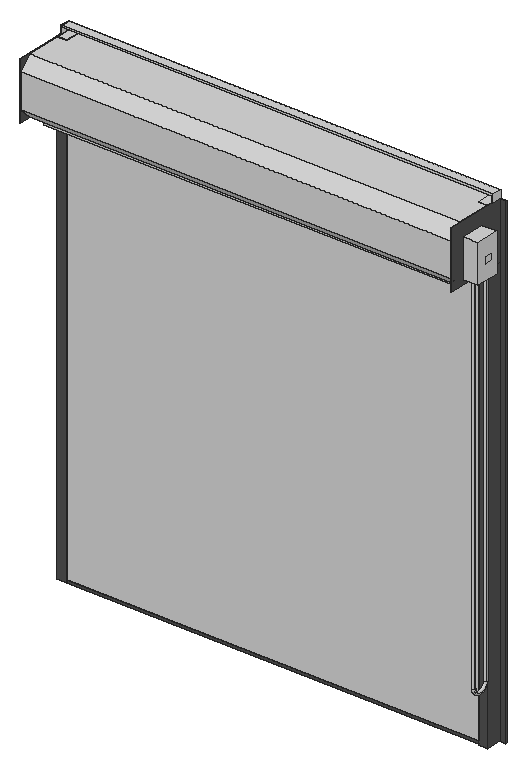
Revit family "Door_Overhead-Coiling_CHI_6200-Series", category Doors, host Wall, Revit 2022
Family settings
  Host = Wall
  OmniClass Number = 23.30.10.17.27.11
  OmniClass Title = Overhead Coiling
  Always vertical = Yes
  Cut with Voids When Loaded = No
  Shared = No
  Room Calculation Point = No
Parameters (values of type "Z Guide for Wood or Masonry Structure 440V")
  Voltage_MEP = 440 V
  Standards Conformance = ""
  Sound Transmission Class (STC) = 0
  Safety Option [instance] = "[Photoelectric Sensor][Electric Edge Two Wire][Electric Edge Four Wire][Pneumatic Reversing Edge][No Safety Device]"
  Revision = "R1_02-2013"
  RO Offset = 0' - 0"  # constant formula
  Operation_Motor_H Motor [instance] = no
  Operation_Motor_GH Motor [instance] = no
  Operation_Manual Pushup [instance] = no
  Operation_Chain Hoist [instance] = yes
  Max Width = 12' - 0"
  Max Height = 14' - 4"
  Lock Mounting Point [instance] = "[Interior Mounted][Exterior Mounted][Keyed Both Sides]"
  Lock Access Location [instance] = "[Coil Side][Fascia Side][Both Sides]"
  Guide_Z Guide = yes
  Guide_E Guide = no
  Has Windlocks = no
  Function = Interior
  Frame Finish = Metal - CHI - Black Powdercoat
  Curtain Material for Coarse and Medium Views [instance] = Metal - CHI - Silver Powdercoat Coarse Curtain
  Coil Control Station [instance] = "[24V Keyed Switch][24V Keyed Switch with Stop Button][24V Two Button][24V Three Button]"
  Body Material = Metal - CHI - Silver Powdercoat
  Analytic Construction = "<None>"
  Air Infiltration = ""
  ASTM Conformance = ""
  Warranty Duration (Years) = 0
  URL = "http://www.chiohd.com/garage-doors/"
  Thickness = 0' - 0 1/4"
  Rough Width = 9' - 1"
  Rough Height = 9' - 3"
  R_Value = 0
  Maintenance Schedule (Months) = 0
  Installation Phase = ""
  Model = "Model 6241"
  Manufacturer = "CHI Overhead Doors"
  Keynote = "08330"
  Height = 9' - 2 1/2"
  Wall Closure = By host
  Width = 9' - 0"
  Fire Rating = "As Specified in 08330"
  Expected Lifespan (Years) = 0
  Drawn By = "Sumex Design, Inc. / Robert S. Weygant, CSI, CDT, SCIP"
  Description = "CHI Medium Duty Service Overhead Coiling Door - Model 6241"
  Copyright = "©Arcat Inc."
  Assembly Code = "B2030420"
Types (6): name | Voltage_MEP | Guide_Z Guide | Guide_E Guide
  Z Guide for Wood or Masonry Structure 440V | 440 V | yes | no
  Z Guide for Wood or Masonry Structure 220V | 220 V | yes | no
  Z Guide for Wood or Masonry Structure 115V | 115 V | yes | no
  E Guide for Steel Structure 440V | 440 V | no | yes
  E Guide for Steel Structure 220V | 220 V | no | yes
  E Guide for Steel Structure 115V | 115 V | no | yes
Reference planes (in)
  plane 1 "Center (Front/Back)": y = -33.96225
  plane 2 "Center (Left/Right)": x = 64.28704
  plane 3: z = 0
  plane 4 "Right": x = 118.28704
  plane 5 "Left": x = 10.28704
  plane 6 "Closure": y = -37.96225
  plane 7: z = 0
  plane 8 "Top of Frame": z = 110.5
  plane 9 "RO Top": z = 110.5
  plane 10 "RO Right": x = 118.28704
  plane 11 "RO Left": x = 10.28704
Lines and regions (in)
  Opening 1
    outline origin (-109.33485, -37.96225, 0) x (1, 0, 0) y (0, 0, 1)
      loop
        line (119.62189, 0) -> (227.62189, 0) -> (227.62189, 110.5) -> (119.62189, 110.5) -> (119.62189, 0)
Text (in)
  text "Exterior" at (50.54558, 27.31104, 0), in view "A101 - Plan View"
  text "Interior" at (58.96477, -82.94027, 0), in view "A101 - Plan View"
  text "Exterior" at (0, -17.98638, 123.01588), in view "Right"
  text "Interior" at (0, -64.39139, 123.01588), in view "Right"
  text "Interior" at (0, -52.09468, 121.14095), in view "Left"
  text "Exterior" at (0, 26.35325, 123.00693), in view "Left"
Dimensions and locks (in)
  equal spacing: plane 4 "Right", plane 2 "Center (Left/Right)", plane 5 "Left"
  "Width": plane 5 "Left" to plane 4 "Right"
  "Height": level to plane 8 "Top of Frame"
  "RO Offset": plane 5 "Left" to plane 11 "RO Left"
  "RO Offset": plane 10 "RO Right" to plane 4 "Right"
  "RO Offset": plane 9 "RO Top" to plane 8 "Top of Frame"
  aligned and locked: host wall to plane 1 "Center (Front/Back)"
  aligned and locked: host wall to plane 6 "Closure"
  aligned and locked: Opening 1 sketch curve to level
  aligned and locked: Opening 1 sketch curve to plane 9 "RO Top"
  aligned and locked: plane 10 "RO Right" to Opening 1 sketch curve
  aligned and locked: plane 11 "RO Left" to Opening 1 sketch curve
  aligned and locked: nested 1 to plane 6 "Closure"
  aligned and locked: level to nested 1
  aligned and locked: nested 1 to plane 2 "Center (Left/Right)"
Nested families (in)
  nested 1: "6200Series" at (64.28704, -45.96225, 0), Mounting to Wood or Masonry Structure <- "Guide_Z Guide", Mounting to Steel Structure <- "Guide_E Guide", External Motor_H Motor <- "Operation_Motor_H Motor", External Motor_GH Motor <- "Operation_Motor_GH Motor", Frame <- "Frame Finish", Coarse and Medium View Curtain Material <- "Curtain Material for Coarse and Medium Views", Body <- "Body Material", Unit Width <- "Width", Unit Height <- "Height", Operation_Chain Hoist <- "Operation_Chain Hoist", Operation_Manual <- "Operation_Manual Pushup", type "6200Series"
    with slatcount 45, offset 0' - 0", motorvis no, chainvis yes, chainassemblywidth 0' - 6", canopyheight 1' - 3", Unit Width 9' - 0", Unit Height 9' - 2 1/2", Unit Depth 1' - 4", Overall Frame Width 9' - 5 1/8", Operation_Manual no, Operation_Chain Hoist yes, Mounting to Wood or Masonry Structure yes, Mounting to Steel Structure no, MotorHeight 1' - 7", MotorDepth 1' - 4", Frame Metal - CHI - Black Powdercoat, External Motor_H Motor no, External Motor_GH Motor no, Coarse and Medium View Curtain Material Metal - CHI - Silver Powdercoat Coarse Curtain, Body Metal - CHI - Silver Powdercoat
Definition of nested family "6200Series"
  Parameters (values of type "6200Series")
    slatcount [instance] = ((Unit Height - 0' 1") / 0' 2 1/2") + 1  # 39
    offset [instance] = 0' - 0"
    motorvis [instance] = or(External Motor_H Motor, External Motor_GH Motor)  # yes
    chainvis [instance] = or(External Motor_H Motor, External Motor_GH Motor, Operation_Chain Hoist)  # yes
    chainassemblywidth [instance] = if(or(External Motor_H Motor, External Motor_GH Motor), 1' 10", 0' 6")  # 1' - 10"
    canopyheight [instance] = if(Unit Height < 11' 0", 1' 3", 1' 5")  # 1' - 3"
    Unit Width [instance] = 6' - 0"
    Unit Height [instance] = 8' - 0"
    Unit Depth [instance] = if(Unit Height < 11' 0", 1' 4", 1' 6")  # 1' - 4"
    URL = "http://www.chiohd.com/garage-doors/"
    Specification = ""
    SpecWizard = "http://www.arcat.com/specwizard/clients/chiover.html?coid=43804"
    Sales Information = "http://www.chiohd.com/dealers/#.UQ_IQr_Xb_Y"
    Revision = "R1_02-2013"
    Product Properties = ""
    Product Data = "http://www.arcat.com/arcatcos/cos43/arc43804.html"
    Overall Frame Width [instance] = Unit Width + (0' 2 9/16" * 2)  # 6' - 5 1/8"
    Operation_Manual [instance] = no
    Operation_Chain Hoist [instance] = yes
    Mounting to Wood or Masonry Structure [instance] = no
    Mounting to Steel Structure [instance] = yes
    MotorHeight [instance] = if(External Motor_H Motor, 1' 11", if(External Motor_GH Motor, 2' 6", canopyheight + 0' 4"))  # 1' - 11"
    MotorDepth [instance] = if(External Motor_H Motor, Unit Depth + 1' 8 1/2", if(External Motor_GH Motor, Unit Depth + 1' 5", Unit Depth))  # 3' - 0 1/2"
    Model = "As Specified"
    Manufacturer = "CHI Overhead Doors"
    Keynote = ""
    Installation-Fabrication = ""
    Green Building-LEED = "http://www.arcat.com/green/clients/leed_data_43804.html"
    Frame [instance] = none
    External Motor_H Motor [instance] = yes
    External Motor_GH Motor [instance] = yes
    Drawn By = "Sumex Design, Inc. / Robert S. Weygant, CSI, CDT, SCIP"
    Description = ""
    Default Elevation = 4' - 0"
    Copyright = "©Arcat Inc."
    Construction Details = "http://www.arcat.com/details/chiover/chiover.html?coid=43804"
    Coarse and Medium View Curtain Material [instance] = none
    Body [instance] = none
    Assembly Code = ""
  Reference planes (in)
    plane 1 "Center (Front/Back)": y = 0
    plane 2 "Bottom": z = 0
    plane 3 "Center (Left/Right)": x = 0
    plane 4 "Front": y = -8
    plane 5 "Back": y = 8
    plane 6 "Left": x = -36
    plane 7 "Right": x = 36
    plane 8 "Top": z = 96
    plane 9: x = -41
    plane 10: x = 43.5
    plane 11: z = 115
    plane 12: z = 113
    plane 13: z = 98
    plane 14: x = -38.5625
    plane 15: x = 38.5625
    plane 16: x = -38.4375
    plane 17: x = 38.4375
    plane 18: z = 119
    plane 19: y = -28.5
    plane 20: x = 24
    plane 21: y = 0.83592
    plane 22: y = -21.16408
  Forms (in)
    Extrusion 1, solid, material <- "Frame", visible <- "Mounting to Steel Structure"
      sketch origin (0, 0, 0) x (1, 0, 0) y (0, 1, 0)
        loop
          line (-36, 8) -> (-38.5625, 8) -> (-38.5625, 4) -> (-36, 4) -> (-36, 8)
        loop
          line (36, 8) -> (36, 4) -> (38.5625, 4) -> (38.5625, 8) -> (36, 8)
      from 0 to 113
    Extrusion 2, solid, material <- "Frame", visible <- "Mounting to Wood or Masonry Structure"
      sketch origin (0, 0, 0) x (1, 0, 0) y (0, 1, 0)
        loop
          line (-36, 8) -> (-40.1875, 8) -> (-40.1875, 7.75) -> (-38.5625, 7.75) -> (-38.5625, 4) -> (-36, 4) -> (-36, 8)
        loop
          line (36, 8) -> (36, 4) -> (38.5625, 4) -> (38.5625, 7.75) -> (40.1875, 7.75) -> (40.1875, 8) -> (36, 8)
      from 0 to 113
    Extrusion 3, solid, material <- "Body"
      sketch origin (0, 0, 0) x (0, 1, 0) y (0, 0, 1)
        loop
          line (8, 113) -> (8, 115) -> (5.5, 115) -> (5.5, 113) -> (8, 113)
      from -38.5625 to 38.5625
    Extrusion 4, void
      sketch origin (0, 0, 0) x (0, 1, 0) y (0, 0, 1)
        loop
          line (5.5, 114.5) -> (5.5, 113) -> (7.9375, 113) -> (7.9375, 114.9375) -> (5.5625, 114.9375) -> (5.5625, 114.5) -> (5.5, 114.5)
      from -38.4375 to 38.4375
    Extrusion 5, solid, material <- "Frame"
      sketch origin (0, 0, 0) x (0, 1, 0) y (0, 0, 1)
        loop
          line (8, 98) -> (8, 113) -> (-8, 113) -> (-8, 98) -> (8, 98)
      from -38.5625 to -38.4375
    Extrusion 6, solid, material <- "Body"
      sketch origin (0, 0, 0) x (0, 1, 0) y (0, 0, 1)
        loop
          line (-2, 98) -> (-2.0625, 98) -> (-2.0625, 96.5625) -> (-3.4375, 96.5625) -> (-3.4375, 97) -> (-3.5, 97) -> (-3.5, 96.5) -> (-2, 96.5) -> (-2, 98)
      from -36 to 36
    Extrusion 7, solid, material <- "Frame"
      sketch origin (0, 0, 0) x (0, 1, 0) y (0, 0, -1)
        loop
          line (8, -98) -> (-8, -98) -> (-8, -113) -> (8, -113) -> (8, -98)
      from -38.5625 to -38.4375
    Extrusion 8, solid, material <- "Body"
      sketch origin (0, 0, 0) x (0, 1, 0) y (0, 0, 1)
        loop
          line (-8, 101) -> (-5, 98) -> (8, 98) -> (8, 113) -> (-5, 113) -> (-8, 110) -> (-8, 101)
      from -38.4375 to 38.4375
    Extrusion 9, solid, material <- "Frame"
      sketch origin (0, 4.5, 0) x (0, 1, 0) y (0, 0, 1)
        loop
          line (0.49081, 0.89822) -> (-0.25919, 0.75244) -> (-0.25919, 0) -> (0.49081, 0) -> (0.49081, 0.89822)
      from -36 to 36
    Extrusion 10, solid, material <- "Body", visible <- "chainvis"
      sketch origin (-11.94222, -8, 48) x (-1, 0, 0) y (0, 0, 1)
        loop
          line (-55.19222, 62) -> (-55.19222, 52) -> (-51.44222, 52) -> (-51.44222, 62) -> (-55.19222, 62)
      from -13.16408 to 8.83592
    Extrusion 11, solid, material <- "Body", visible <- "chainvis"
      sketch origin (-11.94222, -8, 48) x (-1, 0, 0) y (0, 0, 1)
        loop
          line (-55.19222, 56.25) -> (-55.19222, 57.75) -> (-55.44222, 57.75) -> (-55.44222, 56.25) -> (-55.19222, 56.25)
        loop
          line (-51.44222, 56.5) -> (-50.50472, 56.5) -> (-50.50472, 57.5) -> (-51.44222, 57.5) -> (-51.44222, 56.5)
      from 4.90942 to 6.66706
    Sweep 12, solid, material <- "Body", visible <- "chainvis"
      path origin (0, 0, 0) x (0, 1, 0) y (0, 0, 1)
        loop
          line (-20.18939, 100) -> (-20.18939, 18.75)
          arc (-20.18939, 18.75) -> (-18.18939, 16.75) -> (-16.18939, 18.75) r 2
          line (-16.18939, 18.75) -> (-16.18939, 100)
      profile origin (0, -20.18939, 59.375) x (1, 0, 0) y (0, 1, 0)
        loop
          circle (41.25, 0) r 0.375
    Extrusion 13, solid, material <- "Coarse and Medium View Curtain Material"
      sketch origin (0, 0, 0) x (0, 1, 0) y (0, 0, 1)
        loop
          line (4.99081, 0.89822) -> (4.99081, 98.75244) -> (4.24081, 98.75244) -> (4.24081, 0.75244) -> (4.99081, 0.89822)
      from -36 to 36
    Extrusion 14, solid, material <- "Frame"
      sketch origin (-41, 19.20673, 48) x (0, 1, 0) y (0, 0, 1)
        loop
          circle (-19.77012, 57.15007) r 3.25
      from 0 to 5
    Extrusion 15, solid, material <- "Frame", visible <- "motorvis"
      sketch origin (-38.5625, -180, 141.83214) x (0, 0, 1) y (0, -1, 0)
        loop
          line (-45.83214, -172.03125) -> (-22.83214, -172.03125) -> (-22.83214, -151.5) -> (-45.83214, -151.5) -> (-45.83214, -172.03125)
      from 62.5625 to 77.125
  Cuts and joins
    Extrusion 4 cuts Extrusion 1
    Extrusion 4 cuts Extrusion 2
    Extrusion 4 cuts Extrusion 3
  Lines and regions (in)
    symbolic lines
      curve 1: line (-38.5625, 4, 0) -> (-38.5625, -8, 0)
      curve 2: line (43.5, -8, 0) -> (-41, -8, 0)
      curve 3: line (38.5625, 8, 0) -> (38.5625, -28.5, 0)
      curve 5: line (43.5, -8, 0) -> (43.5, 8, 0)
      curve 7: line (-41, 8, 0) -> (-41, -8, 0)
    symbolic lines, visible <- "motorvis"
      curve 4: line (38.5625, -28.5, 0) -> (24, -28.5, 0)
      curve 6: line (24, -7.96875, 0) -> (24, -28.5, 0)
  Dimensions and locks (in)
    equal spacing: plane 6 "Left", plane 3 "Center (Left/Right)", plane 7 "Right"
    "Unit Width": plane 6 "Left" to plane 7 "Right"
    "Unit Depth": plane 5 "Back" to plane 4 "Front"
    "Unit Height": plane 8 "Top" to level
    locked: plane 7 "Right" to plane 10 at 7.5
    locked: plane 9 to plane 6 "Left" at 5
    locked: Extrusion 1 sketch curve to plane 6 "Left" at 2.5625
    locked: plane 5 "Back" to Extrusion 1 sketch curve at 4  (x2)
    locked: plane 7 "Right" to Extrusion 1 sketch curve at 2.5625
    locked: plane 5 "Back" to Extrusion 2 sketch curve at 0.25  (x2)
    locked: plane 5 "Back" to Extrusion 2 sketch curve at 4  (x2)
    locked: Extrusion 2 sketch curve to plane 6 "Left" at 2.5625
    locked: Extrusion 2 sketch curve to plane 6 "Left" at 4.1875
    locked: plane 7 "Right" to Extrusion 2 sketch curve at 2.5625
    locked: plane 7 "Right" to Extrusion 2 sketch curve at 4.1875
    locked: plane 11 to plane 12 at 2
    locked: plane 13 to plane 8 "Top" at 2
    locked: Extrusion 3 sketch curve to plane 5 "Back" at 2.5
    equal spacing: plane 15, plane 3 "Center (Left/Right)", plane 14
    "Overall Frame Width": plane 15 to plane 14
    plane 11 to Extrusion 4 sketch curve to Extrusion 4 sketch curve = 0' - 0 1/16" locked, 0' - 0 7/16" locked
    locked: Extrusion 4 sketch curve to plane 5 "Back" at 0.0625
    locked: plane 15 to plane 17 at 0.125
    locked: plane 16 to plane 14 at 0.125
    plane 10 to Extrusion 10 sketch curve to Extrusion 10 sketch curve = 0' - 0 1/4" locked, 0' - 3 3/4" locked
    locked: Extrusion 11 sketch curve to plane 15 at 0.9375
    locked: plane 10 to Extrusion 11 sketch curve at 0.25
    Extrusion 11 sketch curve to Extrusion 11 sketch curve to plane 13 = 0' - 1 1/2" locked, 0' - 6 1/4" locked
    Extrusion 11 sketch curve to Extrusion 11 sketch curve to plane 13 = 0' - 1" locked, 0' - 6 1/2" locked
    locked: Sweep 12 sketch curve to level at 18.75
    locked: Sweep 12 sketch curve to plane 13 at 2  (x2)
    locked: Sweep 12 sketch curve to plane 10 at 2.25
    Extrusion 13 sketch curve to Extrusion 13 sketch curve to plane 5 "Back" = 0' - 0 3/4" locked, 0' - 3.00919" locked
    locked: plane 13 to Extrusion 13 sketch curve at 0.75244
    "MotorHeight": plane 18 to plane 8 "Top"
    locked: plane 12 to Extrusion 14 sketch curve at 7.84993
    locked: plane 5 "Back" to Extrusion 14 sketch curve at 8.56338
    "MotorDepth": plane 19 to plane 5 "Back"
    locked: plane 4 "Front" to Extrusion 15 sketch curve at 0.03125
    "canopyheight": plane 12 to plane 13
    locked: curve 6 to plane 4 "Front" at 0.03125
    Extrusion 9 sketch curve to Extrusion 9 sketch curve to plane 5 "Back" = 0' - 0 3/4" locked, 0' - 3.00919" locked
    locked: plane 20 to plane 7 "Right" at 12
    locked: plane 4 "Front" to plane 21 at 8.83592
    "chainassemblywidth": plane 22 to plane 21
    plane 22 to Sweep 12 sketch curve to Sweep 12 sketch curve = 0' - 0.9747" locked, 0' - 4" locked
    aligned and locked: Extrusion 1 sketch curve to plane 7 "Right"
    aligned and locked: plane 5 "Back" to Extrusion 1 sketch curve
    aligned and locked: Extrusion 1 sketch curve to plane 6 "Left"
    aligned and locked: Extrusion 1 sketch curve to plane 5 "Back"
    aligned and locked: Extrusion 2 sketch curve to plane 6 "Left"
    aligned and locked: plane 5 "Back" to Extrusion 2 sketch curve
    aligned and locked: Extrusion 2 to plane 12
    aligned and locked: plane 12 to Extrusion 1
    aligned and locked: plane 5 "Back" to Extrusion 3 sketch curve
    aligned and locked: plane 11 to Extrusion 3 sketch curve
    aligned and locked: Extrusion 3 sketch curve to plane 12
    aligned and locked: plane 15 to Extrusion 3
    aligned and locked: Extrusion 3 to plane 14
    aligned and locked: plane 12 to Extrusion 4 sketch curve
    aligned and locked: Extrusion 4 to plane 17
    aligned and locked: plane 16 to Extrusion 4
    aligned and locked: Extrusion 5 sketch curve to plane 5 "Back"
    aligned and locked: plane 4 "Front" to Extrusion 5 sketch curve
    aligned and locked: plane 13 to Extrusion 5 sketch curve
    aligned and locked: Extrusion 5 sketch curve to plane 12
    aligned and locked: Extrusion 5 to plane 14
    aligned and locked: plane 7 "Right" to Extrusion 6
    aligned and locked: Extrusion 6 to plane 6 "Left"
    aligned and locked: Extrusion 5 to plane 16
    aligned and locked: plane 15 to Extrusion 7
    aligned and locked: plane 17 to Extrusion 7
    aligned and locked: plane 12 to Extrusion 7 sketch curve
    aligned and locked: Extrusion 7 sketch curve to plane 13
    aligned and locked: Extrusion 7 sketch curve to plane 5 "Back"
    aligned and locked: plane 4 "Front" to Extrusion 7 sketch curve
    aligned and locked: plane 4 "Front" to Extrusion 8 sketch curve
    aligned and locked: Extrusion 8 sketch curve to plane 13
    aligned and locked: plane 12 to Extrusion 8 sketch curve
    aligned and locked: plane 5 "Back" to Extrusion 8 sketch curve
    aligned and locked: Extrusion 8 to plane 17
    aligned and locked: plane 16 to Extrusion 8
    aligned and locked: Extrusion 9 to plane 6 "Left"
    aligned and locked: plane 7 "Right" to Extrusion 9
    aligned and locked: plane 15 to Extrusion 11 sketch curve
    aligned and locked: Extrusion 11 sketch curve to plane 10
    aligned and locked: plane 7 "Right" to Extrusion 13
    aligned and locked: Extrusion 13 to plane 6 "Left"
    aligned and locked: plane 6 "Left" to Extrusion 14
    aligned and locked: Extrusion 14 to plane 9
    aligned and locked: Extrusion 15 sketch curve to plane 18
    aligned and locked: plane 19 to Extrusion 15 sketch curve
    aligned and locked: plane 8 "Top" to Extrusion 15 sketch curve
    aligned and locked: plane 4 "Front" to curve 2
    aligned and locked: curve 4 to plane 19
    aligned and locked: plane 10 to curve 2
    aligned and locked: curve 6 to plane 20
    aligned and locked: plane 19 to curve 6
    aligned and locked: plane 5 "Back" to curve 7
    aligned and locked: curve 7 to plane 9
    aligned and locked: plane 15 to Extrusion 15
    aligned and locked: Extrusion 15 to plane 20
    aligned and locked: plane 5 "Back" to curve 3
    aligned and locked: plane 22 to Extrusion 10
    aligned and locked: Extrusion 10 to plane 21
  Automatic sketch dimensions
    Extrusion 2 sketch curve to plane 5 "Back" = 0' - 0"
    Extrusion 2 sketch curve to plane 7 "Right" = 0' - 0"
    Extrusion 4 sketch curve to Extrusion 4 sketch curve = 0' - 2 3/8"
    Extrusion 4 sketch curve to Extrusion 4 sketch curve = 0' - 0 1/16"
    Extrusion 6 sketch curve to plane 13 = 0' - 0"
    plane 8 "Top" to Extrusion 6 sketch curve = 0' - 1"
    plane 1 "Center (Front/Back)" to Extrusion 6 sketch curve = 0' - 3 1/2"
    Extrusion 6 sketch curve to Extrusion 6 sketch curve = 0' - 0 1/16"  (x3)
    plane 8 "Top" to Extrusion 6 sketch curve = 0' - 0 9/16"
    Extrusion 6 sketch curve to Extrusion 6 sketch curve = 0' - 1 3/8"
    plane 4 "Front" to Extrusion 8 sketch curve = 0' - 3"  (x2)
    plane 13 to Extrusion 8 sketch curve = 0' - 3"
    Extrusion 8 sketch curve to plane 12 = 0' - 3"
    Extrusion 9 sketch curve to level = 0' - 0"
    plane 13 to Extrusion 10 sketch curve = 0' - 2"
    Extrusion 10 sketch curve to plane 12 = 0' - 3"
    Sweep 12 sketch curve to profile plane = 0' - 0"
    level to Extrusion 9 sketch curve = 0' - 0.75244"
    Extrusion 9 sketch curve to Extrusion 9 sketch curve = 0' - 0.14579"
    level to Extrusion 13 sketch curve = 0' - 0.89822"
    level to Extrusion 13 sketch curve = 0' - 0.75244"
    curve 1 to plane 14 = 0' - 0"
    curve 3 to plane 15 = 0' - 0"
    curve 5 to plane 5 "Back" = 0' - 0"
    curve 1 to plane 1 "Center (Front/Back)" = 0' - 4"
    radius of Sweep 12 sketch curve = 0' - 0 3/8"
    radius of Extrusion 14 sketch curve = 0' - 3 1/4"
